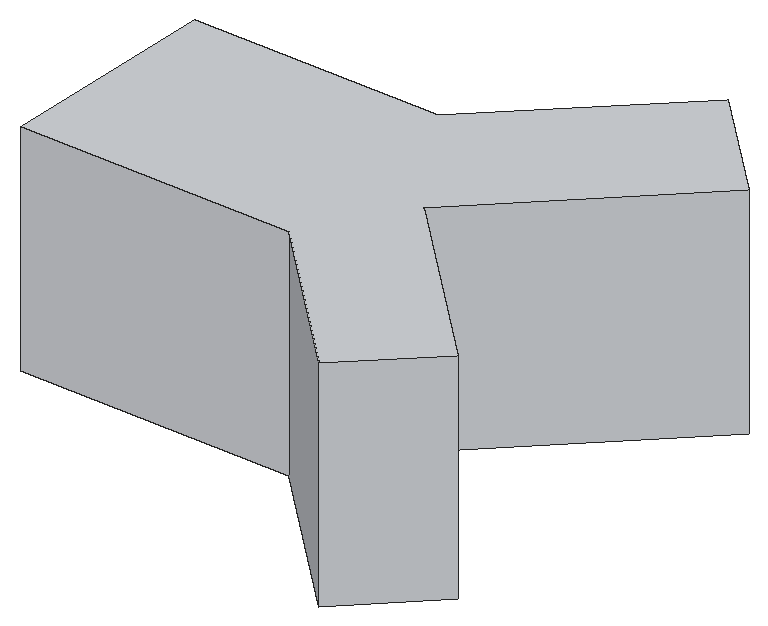
Revit family "9e0ecae485c9453ea713fb65cc342300", category Duct Fittings, Revit 2021
Family settings
  Round Connector Dimension = Use Diameter
  Part Type = Wye
  OmniClass Number = 23.75.70.14
  OmniClass Title = Air Ductwork
  Seek Item ID = Rectangular Wye-0000-USA-ENU
  Work Plane-Based = No
  Always vertical = Yes
  Cut with Voids When Loaded = No
  Shared = No
Parameters (values of type "Standard")
  Half Duct Width 1 [instance] = Duct Width 1 / 2  # 6"
  Duct Width 3 [instance] = 6"
  Duct Width 2 [instance] = 8"
  Duct Width 1 [instance] = 12"
  Duct Length 5 [instance] = Duct Width 1 / 4  # 3"
  Duct Length 4 [instance] = if(or(Angle 3 < 90.00°, Angle 3 = 90.00°), Duct Width 3 / 2 / sin(Angle 3) - 0' 1", Duct Width 3 / 2 * cos(180.00° - Angle 3))  # 3.24264"
  Duct Length 3 [instance] = if(or(Angle 2 < 90.00°, Angle 2 = 90.00°), Duct Width 2 / 2 / sin(Angle 2) - 0' 1", Duct Width 2 / 2 * cos(180.00° - Angle 2))  # 4.65685"
  Duct Length 2 [instance] = Duct Width 1 + 0' 5"  # 17"
  Duct Length 1 [instance] = if(Duct Width 3 > Duct Width 2, Duct Width 3 + 0' 5", Duct Width 2 + 0' 5")  # 13"
  Duct Height [instance] = 12"
  Default Elevation = 0' - 0"
  Angle 3 [instance] = 45.00°
  Angle 2 [instance] = 45.00°
Reference planes (in)
  plane 1 "Center (Front/Back)": y = 0
  plane 2: z = 0
  plane 3 "Center (Left/Right)": x = 0
  plane 4: x = -13
  plane 5: x = 4.65685
  plane 6: x = 3.24264
  plane 7: y = 3
  plane 8: y = -3
Forms (in)
  Sweep 1, solid, detail levels medium+fine
    path in 3D
      loop
        line (-13, 0, 0) -> (0, 0, 0)
    profile "Rectangular Duct Profile : Duct - Rectangular 1" origin (-6.5, 0, 0) x (0, 1, 0) y (0, 0, 1)
      loop
        line (-6, 6) -> (-6, -6) -> (6, -6) -> (6, 6) -> (-6, 6)
  Sweep 2, solid, detail levels medium+fine
    path in 3D
      loop
        line (0, 3, 0) -> (4.65685, 3, 0)
    profile "Rectangular Duct Profile : Duct - Rectangular Half 1" origin (2.32843, 3, 0) x (0, 1, 0) y (0, 0, 1)
      loop
        line (-3, 6) -> (-3, -6) -> (3, -6) -> (3, 6) -> (-3, 6)
  Sweep 3, solid, detail levels medium+fine
    path in 3D
      loop
        line (0, -3, 0) -> (3.24264, -3, 0)
    profile "Rectangular Duct Profile : Duct - Rectangular Half 1" origin (1.62132, -3, 0) x (0, 1, 0) y (0, 0, 1)
      loop
        line (-3, 6) -> (-3, -6) -> (3, -6) -> (3, 6) -> (-3, 6)
  Sweep 4, solid, detail levels medium+fine
    path in 3D
      loop
        line (0, 0, 0) -> (12.02082, 12.02082, 0)
    profile "Rectangular Duct Profile : Duct - Rectangular 2" origin (6.01041, 6.01041, 0) x (-0.707107, 0.707107, 0) y (0, 0, 1)
      loop
        line (-4, 6) -> (-4, -6) -> (4, -6) -> (4, 6) -> (-4, 6)
  Sweep 5, solid, detail levels medium+fine
    path in 3D
      loop
        line (0, 0, 0) -> (12.02082, -12.02082, 0)
    profile "Rectangular Duct Profile : Duct - Rectangular 3" origin (6.01041, -6.01041, 0) x (0.707107, 0.707107, 0) y (0, 0, 1)
      loop
        line (-3, 6) -> (-3, -6) -> (3, -6) -> (3, 6) -> (-3, 6)
Cuts and joins
  joined: Sweep 1, Sweep 2, Sweep 3, Sweep 4, Sweep 5
Lines and regions (in)
  model lines, detail levels coarse
    curve 1: line (0, 0, 0) -> (12.02082, 12.02082, 0)
    curve 2: line (0, 0, 0) -> (12.02082, -12.02082, 0)
    curve 3: line (-13, 0, 0) -> (0, 0, 0)
  reference lines
    curve 4: line (0, 3, 0) -> (4.65685, 3, 0)
    curve 5: line (0, -3, 0) -> (3.24264, -3, 0)
  sketch lines
    curve 6: line (-13, 0, 0) -> (0, 0, 0)
    curve 7: line (0, 3, 0) -> (4.65685, 3, 0)
    curve 8: line (0, -3, 0) -> (3.24264, -3, 0)
    curve 9: line (0, 0, 0) -> (12.02082, 12.02082, 0)
    curve 10: line (0, 0, 0) -> (12.02082, -12.02082, 0)
Dimensions and locks (in)
  "Duct Length 1": plane 4 to plane 3 "Center (Left/Right)"
  "Duct Length 2": curve 1 to curve 1
  "Duct Length 2": curve 2 to curve 2
  "Duct Length 3": plane 3 "Center (Left/Right)" to plane 5
  "Duct Length 4": plane 3 "Center (Left/Right)" to plane 6
  "Duct Length 5": plane 1 "Center (Front/Back)" to plane 7
  "Duct Length 5": plane 1 "Center (Front/Back)" to plane 8
  "Angle 2": angle plane 1 "Center (Front/Back)" to curve 1
  "Angle 3": angle curve 2 to plane 1 "Center (Front/Back)"
  aligned and locked: plane 1 "Center (Front/Back)" to curve 2
  aligned and locked: plane 3 "Center (Left/Right)" to curve 2
  aligned and locked: plane 4 to curve 3
  aligned and locked: plane 1 "Center (Front/Back)" to curve 3
  aligned and locked: plane 3 "Center (Left/Right)" to curve 4
  aligned and locked: plane 5 to curve 4
  aligned and locked: curve 4 to plane 7
  aligned and locked: plane 6 to curve 5
  aligned and locked: plane 3 "Center (Left/Right)" to curve 5
  aligned and locked: curve 5 to plane 8
Connectors (in)
  hvac at (-13, 0, 0), driven by "Duct Width 1", driven by "Duct Height"
    settings: on cut or joined group of Sweep 1, Sweep 2, Sweep 3, Sweep 4, Sweep 5, index 1, duct flow 0 CFM, flow factor 0, pres drop 0.00 in-wg, loss coef 0, conn angle 0.00°, conn width 12", conn height 12", conn diameter 24", duct sys type 28, conn prof type 1, flow config 0, flow direction 0, loss method 0, conn ref index -1, conn util no, is conn primary yes, conn desc ""
  hvac at (12.02082, 12.02082, 0), driven by "Duct Width 2", driven by "Duct Height", driven by "Angle 2"
    settings: on cut or joined group of Sweep 1, Sweep 2, Sweep 3, Sweep 4, Sweep 5, index 2, duct flow 0 CFM, flow factor 0, pres drop 0.00 in-wg, loss coef 0, conn angle 45.00°, conn width 8", conn height 12", conn diameter 24", duct sys type 28, conn prof type 1, flow config 0, flow direction 0, loss method 0, conn ref index -1, conn util no, is conn primary no, conn desc ""
  hvac at (12.02082, -12.02082, 0), driven by "Duct Width 3", driven by "Duct Height", driven by "Angle 3"
    settings: on cut or joined group of Sweep 1, Sweep 2, Sweep 3, Sweep 4, Sweep 5, index 3, duct flow 0 CFM, flow factor 0, pres drop 0.00 in-wg, loss coef 0, conn angle 45.00°, conn width 6", conn height 12", conn diameter 24", duct sys type 28, conn prof type 1, flow config 0, flow direction 0, loss method 0, conn ref index -1, conn util no, is conn primary no, conn desc ""
